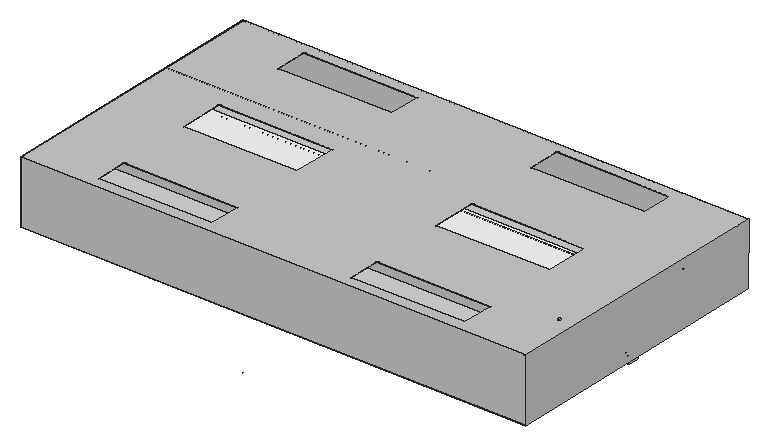
Revit family "QF_ELECTROLUXPROFESSIONAL_641271_STCF2240", category Specialty Equipment, Revit 2014
Reference planes
  plane 1: z = 0
  plane 2 "Center (Left/Right)": x = 150
  plane 3 "LEFT": x = -1850
  plane 4 "RIGHT": x = 2150
  plane 5 "BACK": y = 550
  plane 6 "TOP": z = 2500
  plane 7 "Base": z = 2000
  plane 8: z = 1955
  plane 9: x = -1847
  plane 10 "DrainX": x = 2030
  plane 11 "AOLeft2": x = -400
  plane 12 "AORight1": x = 700
  plane 13: x = 2147
  plane 14: x = -1650
  plane 15: x = 1950
  plane 16 "Center (Front/Back)": y = -550
  plane 17 "Front": y = -1650
  plane 18 "AOLeft1": x = -1300
  plane 19 "AORight2": x = 1600
  plane 20 "EI_y": y = -1170
  plane 21 "EIx": x = 2030
  plane 22: y = 464
  plane 23: y = 214
  plane 24: y = -1564
  plane 25: y = -1314
  plane 26: y = -375
  plane 27: y = -725
Forms (mm)
  Extrusion 1, solid, material "QF_Finishes_Stainless Steel"
    sketch origin (-1850, 0, 360) x (0, 1, 0) y (0, 0, 1)
      loop
        line (550, 1640) -> (550, 2140) -> (-1650, 2140) -> (-1650, 1640) -> (550, 1640)
    from 0 to 3
  Extrusion 2, solid, material "QF_Finishes_Stainless Steel"
    sketch origin (2150, 0, 360) x (0, 1, 0) y (0, 0, 1)
      loop
        line (550, 1640) -> (550, 2140) -> (-1650, 2140) -> (-1650, 1640) -> (550, 1640)
    from 0 to -3
  Extrusion 3, solid, material "QF_Finishes_Stainless Steel"
    sketch origin (150, 0, 360) x (0, 1, 0) y (0, 0, 1)
      loop
        line (-1650, 2140) -> (-1650, 1640) -> (-1640, 1640) -> (-1640, 1640.8) -> (-1649.2, 1640.8) -> (-1649.2, 2139.19) -> (549.2, 2139.19) -> (549.2, 1640.8) -> (540, 1640.8) -> (540, 1640) -> (550, 1640) -> (550, 2140) -> (-1650, 2140)
    from -2000 to 2000
  Extrusion 4, solid, material "QF_Finishes_Stainless Steel"
    sketch origin (0, -840, 2000) x (0, 1, 0) y (-1, 0, 0)
      loop
        circle (290, -2030) r 4.763
    from -30 to 0
  Extrusion 5, void
    sketch origin (0, 0, 2500) x (0, 1, 0) y (-1, 0, 0)
      loop
        line (-1564, 400) -> (-1314, 400) -> (-1314, 1300) -> (-1564, 1300) -> (-1564, 400)
    from 0 to -10
  Extrusion 6, solid, material "QF_Finishes_Stainless Steel"
    sketch origin (0, 0, 0) x (1, 0, 0) y (0, 1, 0)
      loop
        line (-1850, 550) -> (-1850, 549) -> (-1849, 549) -> (-1849, 550) -> (-1850, 550)
    from 0 to 1
  Sweep 7, solid, material "QF_Finishes_Stainless Steel"
    path origin (0, 0, 0) x (1, 0, 0) y (0, 1, 0)
      loop
        line (2150, 550) -> (-1850, 550) -> (-1850, -1650) -> (2150, -1650) -> (2150, 550)
    profile origin (2150, -550, 0) x (1, 0, 0) y (0, 0, 1)
      loop
        line (-3, 2000) -> (-3, 2000.8) -> (-19, 2000.8) -> (-19, 2010) -> (-20, 2010) -> (-20, 2000) -> (-3, 2000)
  Extrusion 8, solid, material "QF_Finishes_Stainless Steel"
    sketch origin (150, -636.588, -19.176) x (0, 0.995194, 0.097925) y (0, -0.097925, 0.995194)
      loop
        line (214.66, 2095.469) -> (240.643, 2110.471) -> (61.744, 2411.771) -> (35.948, 2396.455) -> (214.66, 2095.469)
    from -1997 to -1800
  Extrusion 9, void
    sketch origin (1134.605, 0, 2500) x (0, 1, 0) y (-1, 0, 0)
      loop
        line (-1564, -465.395) -> (-1314, -465.395) -> (-1314, 434.605) -> (-1564, 434.605) -> (-1564, -465.395)
    from 0 to -10
  Extrusion 10, solid, material "QF_Finishes_Stainless Steel"
    sketch origin (2030, -840, 0) x (0, 1, 0) y (0, 0, 1)
      loop
        line (339, 2000) -> (241, 2000) -> (241, 1989) -> (248.5, 1989) -> (248.5, 1965)
        arc (248.5, 1965) -> (251.429, 1957.929) -> (258.5, 1955) r 10
        line (258.5, 1955) -> (321.5, 1955)
        arc (321.5, 1955) -> (328.571, 1957.929) -> (331.5, 1965) r 10
        line (331.5, 1965) -> (331.5, 1989) -> (339, 1989) -> (339, 2000)
    from 90 to -90
  Extrusion 11, solid, material "QF_Finishes_Stainless Steel"
    sketch origin (150, -636.588, -19.176) x (0, 0.995194, 0.097925) y (0, -0.097925, 0.995194)
      loop
        line (214.66, 2095.469) -> (240.643, 2110.471) -> (61.744, 2411.771) -> (35.948, 2396.455) -> (214.66, 2095.469)
    from 1800 to 1997
  Extrusion 12, solid, material "QF_Finished_Chrome"
    sketch origin (150, -636.588, -19.176) x (0, 0.995194, 0.097925) y (0, -0.097925, 0.995194)
      loop
        line (214.66, 2095.469) -> (240.643, 2110.471) -> (61.744, 2411.771) -> (35.948, 2396.455) -> (214.66, 2095.469)
    from -1800 to 1800
  Extrusion 13, void
    sketch origin (0, 1180, 2500) x (0, 1, 0) y (-1, 0, 0)
      loop
        line (-1555, 400) -> (-1555, 1300) -> (-1905, 1300) -> (-1905, 400) -> (-1555, 400)
    from 0 to -10
  Extrusion 14, void
    sketch origin (1600, 1180, 2500) x (0, 1, 0) y (-1, 0, 0)
      loop
        line (-1555, 0) -> (-1555, 900) -> (-1905, 900) -> (-1905, 0) -> (-1555, 0)
    from 0 to -10
  Extrusion 15, solid, material "QF_Finishes_Stainless Steel"
    sketch origin (0, 0, 2500) x (0, 1, 0) y (-1, 0, 0)
      loop
        circle (-1170, -2030) r 10
    from 0 to 1.6
  Extrusion 16, solid, material "QF_LAMPS"
    sketch origin (150, -267.149, 218.369) x (0, 0.987229, -0.159309) y (0, 0.159309, 0.987229)
      loop
        line (-1250.105, 1928.62) -> (-1096.231, 2053.226) -> (-1104.529, 2063.269) -> (-1258.575, 1938.524) -> (-1250.105, 1928.62)
    from 1997 to -1997
  Extrusion 17, solid, material "QF_Finishes_Stainless Steel"
    sketch origin (150, 0, 360) x (0, 1, 0) y (0, 0, 1)
      loop
        line (-1650, 2139.19) -> (-1650, 1640) -> (-1586.602, 1640) -> (-1499.146, 1690.493) -> (-1510.058, 1709.394) -> (-1566.564, 1676.77) -> (-1614.704, 1680.982) -> (-1649.2, 1730.248) -> (-1649.2, 2139.19) -> (-1650, 2139.19)
      loop
        line (-1194.054, 1961.505) -> (-1200.838, 1972.631) -> (-1186.477, 1980.7) -> (-1186.477, 2127.391) -> (-1085.664, 2127.391) -> (-1029.871, 2072.95) -> (-1022.281, 2060.013) -> (-919.435, 2120.351) -> (-919.902, 2121.003) -> (-1021.996, 2061.107) -> (-1029.236, 2073.448) -> (-1085.338, 2128.191) -> (-1187.277, 2128.191) -> (-1187.277, 1982.446) -> (-1586.208, 1744.533) -> (-1576.362, 1728.386) -> (-1194.054, 1961.505)
    from -1997 to 1997
  Extrusion 18, void
    sketch origin (0, 814, 2500) x (0, 1, 0) y (-1, 0, 0)
      loop
        line (-600, 400) -> (-350, 400) -> (-350, 1300) -> (-600, 1300) -> (-600, 400)
    from 0 to -10
  Extrusion 19, void
    sketch origin (1134.605, 814, 2500) x (0, 1, 0) y (-1, 0, 0)
      loop
        line (-600, -465.395) -> (-350, -465.395) -> (-350, 434.605) -> (-600, 434.605) -> (-600, -465.395)
    from 0 to -10
  Extrusion 20, solid, material "QF_Finishes_Stainless Steel"
    sketch origin (150, 0, 0) x (0, 1, 0) y (0, 0, 1)
      loop
        line (-628.158, 2087.242) -> (-603.769, 2104.716) -> (-811.314, 2387.05) -> (-835.486, 2369.281) -> (-628.158, 2087.242)
    from -1997 to -1800
  Extrusion 21, solid, material "QF_Finished_Chrome"
    sketch origin (150, 0, 0) x (0, 1, 0) y (0, 0, 1)
      loop
        line (-628.158, 2087.242) -> (-603.769, 2104.716) -> (-811.314, 2387.05) -> (-835.486, 2369.281) -> (-628.158, 2087.242)
    from -1800 to 1800
  Extrusion 22, solid, material "QF_Finishes_Stainless Steel"
    sketch origin (150, -870.88, 319.508) x (0, 0.995194, 0.097925) y (0, -0.097925, 0.995194)
      loop
        line (426.151, 1646.675) -> (483.9, 1640.993) -> (483.982, 1641.83) -> (426.613, 1647.475) -> (371.906, 1742.23) -> (414.858, 1734.657) -> (442.266, 1750.481) -> (442.266, 1765.943) -> (441.466, 1765.943) -> (441.466, 1750.943) -> (414.709, 1735.495) -> (321.153, 1751.991) -> (320.875, 1750.416) -> (371.4, 1741.507) -> (426.151, 1646.675)
      loop
        line (162.878, 2155.907) -> (242.893, 2017.316) -> (245.133, 2018.715) -> (240.13, 2027.381) -> (238.569, 2026.405) -> (163.571, 2156.307) -> (162.878, 2155.907)
    from -1997 to 1997
  Extrusion 23, solid, material "QF_Finishes_Stainless Steel"
    sketch origin (150, -463.412, -19.176) x (0, -0.995194, 0.097925) y (0, -0.097925, -0.995194)
      loop
        line (214.66, -2095.469) -> (35.948, -2396.455) -> (61.744, -2411.771) -> (240.643, -2110.471) -> (214.66, -2095.469)
    from 1800 to 1997
  Extrusion 24, solid, material "QF_Finishes_Stainless Steel"
    sketch origin (150, 0, 0) x (0, 1, 0) y (0, 0, 1)
      loop
        line (-471.842, 2087.242) -> (-264.514, 2369.281) -> (-288.686, 2387.05) -> (-496.231, 2104.716) -> (-471.842, 2087.242)
    from -1997 to -1800
  Extrusion 25, solid, material "QF_Finished_Chrome"
    sketch origin (150, 0, 0) x (0, 1, 0) y (0, 0, 1)
      loop
        line (-471.842, 2087.242) -> (-264.514, 2369.281) -> (-288.686, 2387.05) -> (-496.231, 2104.716) -> (-471.842, 2087.242)
    from -1800 to 1800
  Extrusion 26, solid, material "QF_Finishes_Stainless Steel"
    sketch origin (150, -229.12, 319.508) x (0, -0.995194, 0.097925) y (0, -0.097925, -0.995194)
      loop
        line (426.151, -1646.675) -> (371.4, -1741.507) -> (320.875, -1750.416) -> (321.153, -1751.991) -> (414.709, -1735.495) -> (441.466, -1750.943) -> (441.466, -1765.943) -> (442.266, -1765.943) -> (442.266, -1750.481) -> (414.858, -1734.657) -> (371.906, -1742.23) -> (426.613, -1647.475) -> (483.982, -1641.83) -> (483.9, -1640.993) -> (426.151, -1646.675)
      loop
        line (162.878, -2155.907) -> (163.571, -2156.307) -> (238.569, -2026.405) -> (240.13, -2027.381) -> (245.133, -2018.715) -> (242.893, -2017.316) -> (162.878, -2155.907)
    from -1997 to 1997
  Extrusion 27, solid, material "QF_LAMPS"
    sketch origin (150, -832.851, 218.369) x (0, -0.987229, -0.159309) y (0, 0.159309, -0.987229)
      loop
        line (-1250.105, -1928.62) -> (-1258.575, -1938.524) -> (-1104.529, -2063.269) -> (-1096.231, -2053.226) -> (-1250.105, -1928.62)
    from 1997 to -1997
  Extrusion 28, solid, material "QF_Finishes_Stainless Steel"
    sketch origin (150, -1100, 360) x (0, -1, 0) y (0, 0, -1)
      loop
        line (-1650, -2139.19) -> (-1649.2, -2139.19) -> (-1649.2, -1730.248) -> (-1614.704, -1680.982) -> (-1566.564, -1676.77) -> (-1510.058, -1709.394) -> (-1499.146, -1690.493) -> (-1586.602, -1640) -> (-1650, -1640) -> (-1650, -2139.19)
      loop
        line (-1194.054, -1961.505) -> (-1576.362, -1728.386) -> (-1586.208, -1744.533) -> (-1187.277, -1982.446) -> (-1187.277, -2128.191) -> (-1085.338, -2128.191) -> (-1029.236, -2073.448) -> (-1021.996, -2061.107) -> (-919.902, -2121.003) -> (-919.435, -2120.351) -> (-1022.281, -2060.013) -> (-1029.871, -2072.95) -> (-1085.664, -2127.391) -> (-1186.477, -2127.391) -> (-1186.477, -1980.7) -> (-1200.838, -1972.631) -> (-1194.054, -1961.505)
    from -1997 to 1997
Cuts and joins
  Extrusion 5, Extrusion 9, Extrusion 13, Extrusion 14, Extrusion 18, Extrusion 19 cuts Extrusion 3
  joined: Extrusion 2, Extrusion 3, Sweep 7
Lines and regions (mm)
  symbolic lines, style "SpecialityEquipment", detail levels coarse
    curve 1: line (2150, 550, 2500) -> (-1850, 550, 2500)
    curve 2: line (-1850, 550, 2500) -> (-1850, -1650, 2500)
    curve 3: line (2150, -1650, 2500) -> (2150, 550, 2500)
    curve 4: line (-1850, 550, 0) -> (2150, -1650, 0)
    curve 5: line (2150, 550, 0) -> (-1850, -1650, 0)
    curve 6: line (-1850, -1650, 0) -> (2150, -1650, 0)
  symbolic lines, detail levels coarse
    curve 7: line (-1300, 464, 2500) -> (-400, 464, 2500)
    curve 8: line (-1300, 214, 2500) -> (-1300, 464, 2500)
    curve 9: line (-400, 214, 2500) -> (-1300, 214, 2500)
    curve 10: line (-400, 464, 2500) -> (-400, 214, 2500)
    curve 11: line (700, 464, 2500) -> (1600, 464, 2500)
    curve 12: line (700, 214, 2500) -> (700, 464, 2500)
    curve 13: line (1600, 214, 2500) -> (700, 214, 2500)
    curve 14: line (1600, 464, 2500) -> (1600, 214, 2500)
    curve 15: line (-1300, -375, 2500) -> (-400, -375, 2500)
    curve 16: line (-1300, -725, 2500) -> (-1300, -375, 2500)
    curve 17: line (-400, -725, 2500) -> (-1300, -725, 2500)
    curve 18: line (-400, -375, 2500) -> (-400, -725, 2500)
    curve 19: line (700, -375, 2500) -> (1600, -375, 2500)
    curve 20: line (700, -725, 2500) -> (700, -375, 2500)
    curve 21: line (1600, -725, 2500) -> (700, -725, 2500)
    curve 22: line (1600, -375, 2500) -> (1600, -725, 2500)
    curve 23: line (-1300, -1314, 2500) -> (-400, -1314, 2500)
    curve 24: line (-1300, -1564, 2500) -> (-1300, -1314, 2500)
    curve 25: line (-400, -1564, 2500) -> (-1300, -1564, 2500)
    curve 26: line (-400, -1314, 2500) -> (-400, -1564, 2500)
    curve 27: line (700, -1314, 2500) -> (1600, -1314, 2500)
    curve 28: line (700, -1564, 2500) -> (700, -1314, 2500)
    curve 29: line (1600, -1564, 2500) -> (700, -1564, 2500)
    curve 30: line (1600, -1314, 2500) -> (1600, -1564, 2500)
Dimensions and locks
  plane 3 "LEFT" to plane 4 "RIGHT" = 4000 mm
  equal spacing: plane 3 "LEFT", plane 2 "Center (Left/Right)", plane 4 "RIGHT"
  plane 7 "Base" to plane 8 = 45 mm
  plane 3 "LEFT" to plane 9 = 3 mm
  plane 10 "DrainX" to plane 4 "RIGHT" = 120 mm
  plane 13 to plane 4 "RIGHT" = 3 mm
  plane 3 "LEFT" to plane 14 = 200 mm
  plane 15 to plane 4 "RIGHT" = 200 mm
  locked: plane 11 "AOLeft2" to plane 12 "AORight1" at 1100
  equal spacing: plane 11 "AOLeft2", plane 2 "Center (Left/Right)", plane 12 "AORight1"
  locked: plane 7 "Base" to level at 2000
  locked: plane 6 "TOP" to plane 7 "Base" at 500
  locked: plane 18 "AOLeft1" to plane 11 "AOLeft2" at 900
  locked: plane 12 "AORight1" to plane 19 "AORight2" at 900
  locked: plane 20 "EI_y" to plane 17 "Front" at 480
  locked: plane 21 "EIx" to plane 4 "RIGHT" at 120
  locked: plane 5 "BACK" to plane 22 at 86
  plane 22 to plane 23 = 250 mm
  locked: plane 24 to plane 17 "Front" at 86
  locked: plane 24 to plane 25 at 250
  plane 26 to plane 16 "Center (Front/Back)" = 175 mm
  plane 16 "Center (Front/Back)" to plane 27 = 175 mm
  plane 26 to plane 27 = 350 mm
  locked: plane 5 "BACK" to plane 17 "Front" at 2200
  plane 5 "BACK" to plane 16 "Center (Front/Back)" to plane 17 "Front" = 1100 mm, 1100 mm
  plane 5 "BACK" to plane 17 "Front" = 2200 mm
  aligned and locked: level to plane 1
  aligned and locked: plane 4 "RIGHT" to Extrusion 3
  aligned and locked: Extrusion 3 to plane 3 "LEFT"
  aligned and locked: Extrusion 2 to plane 13
  aligned and locked: Extrusion 8 to plane 9
  aligned and locked: plane 18 "AOLeft1" to Extrusion 5
  aligned and locked: Extrusion 5 to plane 11 "AOLeft2"
  aligned and locked: Extrusion 9 to plane 19 "AORight2"
  aligned and locked: plane 12 "AORight1" to Extrusion 9
  aligned and locked: plane 14 to Extrusion 8
  aligned and locked: plane 15 to Extrusion 11
  aligned and locked: plane 13 to Extrusion 11
  aligned and locked: Extrusion 12 to plane 14
  aligned and locked: Extrusion 12 to plane 15
  aligned and locked: plane 12 "AORight1" to Extrusion 14
  aligned and locked: plane 19 "AORight2" to Extrusion 14
  aligned and locked: Extrusion 13 to plane 18 "AOLeft1"
  aligned and locked: Extrusion 13 to plane 11 "AOLeft2"
  aligned and locked: plane 24 to Extrusion 5
  aligned and locked: Extrusion 5 to plane 25
  aligned and locked: Extrusion 9 to plane 25
  aligned and locked: plane 24 to Extrusion 9
  aligned and locked: Extrusion 18 to plane 18 "AOLeft1"
  aligned and locked: Extrusion 18 to plane 11 "AOLeft2"
  aligned and locked: plane 12 "AORight1" to Extrusion 19
  aligned and locked: plane 19 "AORight2" to Extrusion 19
  aligned and locked: plane 26 to Extrusion 13
  aligned and locked: Extrusion 13 to plane 27
  aligned and locked: plane 26 to Extrusion 14
  aligned and locked: Extrusion 14 to plane 27
  aligned and locked: plane 22 to Extrusion 18
  aligned and locked: Extrusion 18 to plane 23
  aligned and locked: plane 22 to Extrusion 19
  aligned and locked: Extrusion 19 to plane 23
  aligned and locked: Extrusion 17 to plane 9
  aligned and locked: Extrusion 16 to plane 9
  aligned and locked: Extrusion 16 to plane 13
  aligned and locked: Extrusion 17 to plane 13
  aligned and locked: Extrusion 28 to plane 9
  aligned and locked: Extrusion 27 to plane 9
  aligned and locked: Extrusion 26 to plane 9
  aligned and locked: plane 9 to Extrusion 20
  aligned and locked: Extrusion 22 to plane 9
  aligned and locked: plane 14 to Extrusion 20
  aligned and locked: Extrusion 25 to plane 14
  aligned and locked: plane 13 to Extrusion 22
  aligned and locked: plane 13 to Extrusion 26
  aligned and locked: plane 13 to Extrusion 28
  aligned and locked: Extrusion 23 to plane 13
  aligned and locked: plane 13 to Extrusion 27
  aligned and locked: Extrusion 21 to plane 14
  aligned and locked: Extrusion 21 to plane 15
  aligned and locked: plane 15 to Extrusion 23
  aligned and locked: Extrusion 25 to plane 15
  aligned and locked: plane 14 to Extrusion 24
  aligned and locked: Extrusion 24 to plane 9
Automatic sketch dimensions
  curve 6 to plane 3 "LEFT" = 0 mm
  curve 4 to plane 3 "LEFT" = 0 mm
  curve 5 to plane 4 "RIGHT" = 0 mm
  curve 6 to plane 4 "RIGHT" = 0 mm
  curve 4 to plane 17 "Front" = 0 mm
  curve 5 to plane 5 "BACK" = 0 mm
  curve 4 to plane 5 "BACK" = 0 mm
  Extrusion 1 sketch curve to plane 7 "Base" = 0 mm
  Extrusion 1 sketch curve to plane 17 "Front" = 0 mm
  Extrusion 1 sketch curve to plane 5 "BACK" = 0 mm
  Extrusion 1 sketch curve to plane 6 "TOP" = 0 mm
  Extrusion 2 sketch curve to plane 7 "Base" = 0 mm
  Extrusion 2 sketch curve to plane 17 "Front" = 0 mm
  Extrusion 2 sketch curve to plane 5 "BACK" = 0 mm
  Extrusion 2 sketch curve to plane 6 "TOP" = 0 mm
  Extrusion 3 sketch curve to plane 6 "TOP" = 0 mm
  Extrusion 3 sketch curve to plane 17 "Front" = 0 mm
  Extrusion 3 sketch curve to plane 7 "Base" = 0 mm  (x2)
  Extrusion 3 sketch curve to plane 5 "BACK" = 0 mm
  plane 17 "Front" to Extrusion 3 sketch curve = 0.8 mm
  Extrusion 3 sketch curve to Extrusion 3 sketch curve = 9.2 mm
  plane 7 "Base" to Extrusion 3 sketch curve = 0.8 mm  (x2)
  Extrusion 3 sketch curve to plane 5 "BACK" = 10 mm
  Extrusion 3 sketch curve to plane 5 "BACK" = 0.8 mm
  Extrusion 3 sketch curve to plane 6 "TOP" = 0.81 mm
  Extrusion 4 sketch curve to plane 10 "DrainX" = 0 mm
  Extrusion 4 sketch curve to plane 16 "Center (Front/Back)" = 0 mm
  Extrusion 5 sketch curve to plane 18 "AOLeft1" = 0 mm
  plane 24 to Extrusion 5 sketch curve = 0 mm
  Extrusion 5 sketch curve to plane 11 "AOLeft2" = 0 mm
  plane 25 to Extrusion 5 sketch curve = 0 mm
  Extrusion 6 sketch curve to plane 3 "LEFT" = 0 mm
  Extrusion 6 sketch curve to plane 5 "BACK" = 0 mm
  plane 3 "LEFT" to Extrusion 6 sketch curve = 1 mm
  Extrusion 6 sketch curve to Extrusion 6 sketch curve = 1 mm
  Sweep 7 sketch curve to plane 3 "LEFT" = 0 mm
  Sweep 7 sketch curve to plane 4 "RIGHT" = 0 mm
  Sweep 7 sketch curve to plane 17 "Front" = 0 mm
  Sweep 7 sketch curve to plane 5 "BACK" = 0 mm
  profile plane to Sweep 7 sketch curve = 20 mm
  Sweep 7 sketch curve to Sweep 7 sketch curve = 1 mm
  profile plane to Sweep 7 sketch curve = 3 mm
  level to Sweep 7 sketch curve = 2000 mm
  Sweep 7 sketch curve to Sweep 7 sketch curve = 0.8 mm
  Sweep 7 sketch curve to Sweep 7 sketch curve = 9.2 mm
  Extrusion 8 sketch curve to plane 27 = 110.486 mm
  Extrusion 8 sketch curve to plane 6 "TOP" = 130.719 mm
  Extrusion 8 sketch curve to Extrusion 8 sketch curve = 25.795 mm
  Extrusion 8 sketch curve to Extrusion 8 sketch curve = 178.712 mm
  Extrusion 8 sketch curve to Extrusion 8 sketch curve = 25.983 mm
  Extrusion 8 sketch curve to Extrusion 8 sketch curve = 285.985 mm
  Extrusion 8 sketch curve to Extrusion 8 sketch curve = 15.001 mm
  Extrusion 8 sketch curve to Extrusion 8 sketch curve = 15.316 mm
  Extrusion 9 sketch curve to plane 12 "AORight1" = 0 mm
  plane 24 to Extrusion 9 sketch curve = 0 mm
  Extrusion 9 sketch curve to plane 19 "AORight2" = 0 mm
  plane 25 to Extrusion 9 sketch curve = 0 mm
  Extrusion 10 sketch curve to plane 8 = 0 mm
  Extrusion 10 sketch curve to plane 7 "Base" = 11 mm  (x2)
  Extrusion 10 sketch curve to plane 16 "Center (Front/Back)" = 49 mm
  Extrusion 10 sketch curve to Extrusion 10 sketch curve = 7.5 mm  (x2)
  plane 8 to Extrusion 10 sketch curve = 10 mm
  plane 16 "Center (Front/Back)" to Extrusion 10 sketch curve = 31.5 mm
  Extrusion 10 sketch curve to Extrusion 10 sketch curve = 10 mm
  plane 7 "Base" to Extrusion 10 sketch curve = 0 mm
  Extrusion 11 sketch curve to plane 27 = 110.486 mm
  Extrusion 11 sketch curve to plane 6 "TOP" = 130.719 mm
  Extrusion 11 sketch curve to Extrusion 11 sketch curve = 25.795 mm
  Extrusion 11 sketch curve to Extrusion 11 sketch curve = 178.712 mm
  Extrusion 11 sketch curve to Extrusion 11 sketch curve = 25.983 mm
  Extrusion 11 sketch curve to Extrusion 11 sketch curve = 285.985 mm
  Extrusion 11 sketch curve to Extrusion 11 sketch curve = 15.001 mm
  Extrusion 11 sketch curve to Extrusion 11 sketch curve = 15.316 mm
  Extrusion 12 sketch curve to plane 27 = 110.486 mm
  Extrusion 12 sketch curve to plane 6 "TOP" = 130.719 mm
  Extrusion 12 sketch curve to Extrusion 12 sketch curve = 25.795 mm
  Extrusion 12 sketch curve to Extrusion 12 sketch curve = 178.712 mm
  Extrusion 12 sketch curve to Extrusion 12 sketch curve = 25.983 mm
  Extrusion 12 sketch curve to Extrusion 12 sketch curve = 285.985 mm
  Extrusion 12 sketch curve to Extrusion 12 sketch curve = 15.001 mm
  Extrusion 12 sketch curve to Extrusion 12 sketch curve = 15.316 mm
  Extrusion 13 sketch curve to plane 11 "AOLeft2" = 0 mm
  Extrusion 13 sketch curve to plane 27 = 0 mm
  Extrusion 13 sketch curve to plane 26 = 0 mm
  Extrusion 13 sketch curve to plane 18 "AOLeft1" = 0 mm
  Extrusion 14 sketch curve to plane 19 "AORight2" = 0 mm
  Extrusion 14 sketch curve to plane 27 = 0 mm
  Extrusion 14 sketch curve to plane 26 = 0 mm
  Extrusion 14 sketch curve to plane 12 "AORight1" = 0 mm
  Extrusion 15 sketch curve to plane 20 "EI_y" = 0 mm
  Extrusion 15 sketch curve to plane 21 "EIx" = 0 mm
  Extrusion 16 sketch curve to plane 20 "EI_y" = 30.826 mm
  Extrusion 16 sketch curve to plane 6 "TOP" = 167.362 mm
  Extrusion 16 sketch curve to Extrusion 16 sketch curve = 8.47 mm
  Extrusion 16 sketch curve to Extrusion 16 sketch curve = 154.047 mm
  Extrusion 16 sketch curve to Extrusion 16 sketch curve = 8.298 mm
  Extrusion 16 sketch curve to Extrusion 16 sketch curve = 9.904 mm
  Extrusion 16 sketch curve to Extrusion 16 sketch curve = 124.605 mm
  Extrusion 16 sketch curve to Extrusion 16 sketch curve = 10.043 mm
  Extrusion 17 sketch curve to plane 17 "Front" = 0 mm
  Extrusion 17 sketch curve to plane 7 "Base" = 0 mm
  plane 17 "Front" to Extrusion 17 sketch curve = 0.8 mm
  plane 17 "Front" to Extrusion 17 sketch curve = 35.296 mm
  plane 24 to Extrusion 17 sketch curve = 22.602 mm
  plane 24 to Extrusion 17 sketch curve = 22.208 mm
  plane 24 to Extrusion 17 sketch curve = 12.362 mm
  plane 24 to Extrusion 17 sketch curve = 2.564 mm
  Extrusion 17 sketch curve to plane 24 = 53.942 mm
  Extrusion 17 sketch curve to Extrusion 17 sketch curve = 10.912 mm
  Extrusion 17 sketch curve to plane 20 "EI_y" = 30.838 mm
  Extrusion 17 sketch curve to Extrusion 17 sketch curve = 6.784 mm
  Extrusion 17 sketch curve to Extrusion 17 sketch curve = 13.561 mm
  Extrusion 17 sketch curve to Extrusion 17 sketch curve = 0.8 mm  (x2)
  Extrusion 17 sketch curve to plane 6 "TOP" = 12.609 mm
  plane 20 "EI_y" to Extrusion 17 sketch curve = 84.336 mm
  Extrusion 17 sketch curve to Extrusion 17 sketch curve = 0.326 mm
  Extrusion 17 sketch curve to plane 6 "TOP" = 67.05 mm
  Extrusion 17 sketch curve to Extrusion 17 sketch curve = 55.793 mm
  Extrusion 17 sketch curve to plane 6 "TOP" = 66.552 mm
  Extrusion 17 sketch curve to Extrusion 17 sketch curve = 0.636 mm
  Extrusion 17 sketch curve to Extrusion 17 sketch curve = 7.59 mm
  Extrusion 17 sketch curve to plane 6 "TOP" = 78.893 mm
  Extrusion 17 sketch curve to Extrusion 17 sketch curve = 0.285 mm
  Extrusion 17 sketch curve to plane 6 "TOP" = 18.997 mm
  Extrusion 17 sketch curve to plane 6 "TOP" = 19.649 mm
  Extrusion 17 sketch curve to Extrusion 17 sketch curve = 0.467 mm
  plane 7 "Base" to Extrusion 17 sketch curve = 36.77 mm
  plane 7 "Base" to Extrusion 17 sketch curve = 40.982 mm
  plane 7 "Base" to Extrusion 17 sketch curve = 50.493 mm
  Extrusion 17 sketch curve to Extrusion 17 sketch curve = 18.901 mm
  Extrusion 17 sketch curve to Extrusion 17 sketch curve = 51.616 mm
  Extrusion 17 sketch curve to Extrusion 17 sketch curve = 49.266 mm
  Extrusion 17 sketch curve to Extrusion 17 sketch curve = 16.147 mm
  Extrusion 17 sketch curve to Extrusion 17 sketch curve = 165.885 mm
  Extrusion 17 sketch curve to Extrusion 17 sketch curve = 8.069 mm
  Extrusion 17 sketch curve to Extrusion 17 sketch curve = 1.746 mm
  Extrusion 17 sketch curve to Extrusion 17 sketch curve = 1.094 mm
  Extrusion 17 sketch curve to plane 6 "TOP" = 0.81 mm
  plane 18 "AOLeft1" to Extrusion 18 sketch curve = 0 mm
  Extrusion 18 sketch curve to plane 23 = 0 mm
  Extrusion 18 sketch curve to plane 11 "AOLeft2" = 0 mm
  Extrusion 18 sketch curve to plane 22 = 0 mm
  Extrusion 19 sketch curve to plane 12 "AORight1" = 0 mm
  Extrusion 19 sketch curve to plane 23 = 0 mm
  Extrusion 19 sketch curve to plane 19 "AORight2" = 0 mm
  Extrusion 19 sketch curve to plane 22 = 0 mm
  Extrusion 22 sketch curve to plane 6 "TOP" = 18.997 mm
  Extrusion 22 sketch curve to plane 27 = 194.902 mm
  Extrusion 22 sketch curve to Extrusion 22 sketch curve = 0.693 mm
  Extrusion 22 sketch curve to Extrusion 22 sketch curve = 74.998 mm
  Extrusion 22 sketch curve to Extrusion 22 sketch curve = 1.561 mm
  Extrusion 22 sketch curve to Extrusion 22 sketch curve = 4.324 mm
  Extrusion 22 sketch curve to Extrusion 22 sketch curve = 2.24 mm
  Extrusion 22 sketch curve to Extrusion 22 sketch curve = 77.982 mm
  Extrusion 22 sketch curve to Extrusion 22 sketch curve = 0.278 mm
  Extrusion 22 sketch curve to Extrusion 22 sketch curve = 50.525 mm
  Extrusion 22 sketch curve to Extrusion 22 sketch curve = 0.506 mm
  Extrusion 22 sketch curve to Extrusion 22 sketch curve = 42.803 mm
  Extrusion 22 sketch curve to Extrusion 22 sketch curve = 0.148 mm
  Extrusion 22 sketch curve to Extrusion 22 sketch curve = 11.294 mm
  Extrusion 22 sketch curve to Extrusion 22 sketch curve = 0.462 mm  (x2)
  Extrusion 22 sketch curve to Extrusion 22 sketch curve = 57.287 mm
  Extrusion 22 sketch curve to Extrusion 22 sketch curve = 0.082 mm
  Extrusion 22 sketch curve to Extrusion 22 sketch curve = 26.757 mm
  Extrusion 22 sketch curve to Extrusion 22 sketch curve = 0.8 mm
  Extrusion 22 sketch curve to Extrusion 22 sketch curve = 128.526 mm
  Extrusion 22 sketch curve to Extrusion 22 sketch curve = 0.975 mm
  Extrusion 22 sketch curve to Extrusion 22 sketch curve = 1.399 mm
  Extrusion 22 sketch curve to Extrusion 22 sketch curve = 252.773 mm
  Extrusion 22 sketch curve to Extrusion 22 sketch curve = 13.951 mm
  Extrusion 22 sketch curve to Extrusion 22 sketch curve = 15 mm
  Extrusion 22 sketch curve to Extrusion 22 sketch curve = 1.575 mm
  Extrusion 22 sketch curve to Extrusion 22 sketch curve = 0.723 mm
  Extrusion 22 sketch curve to Extrusion 22 sketch curve = 0.838 mm
  Extrusion 22 sketch curve to Extrusion 22 sketch curve = 87.182 mm
  Extrusion 22 sketch curve to Extrusion 22 sketch curve = 5.645 mm
  Extrusion 23 sketch curve to plane 26 = 110.486 mm
  plane 6 "TOP" to Extrusion 23 sketch curve = 130.719 mm
  Extrusion 23 sketch curve to Extrusion 23 sketch curve = 25.795 mm
  Extrusion 23 sketch curve to Extrusion 23 sketch curve = 178.712 mm
  Extrusion 23 sketch curve to Extrusion 23 sketch curve = 25.983 mm
  Extrusion 23 sketch curve to Extrusion 23 sketch curve = 285.985 mm
  Extrusion 23 sketch curve to Extrusion 23 sketch curve = 15.001 mm
  Extrusion 23 sketch curve to Extrusion 23 sketch curve = 15.316 mm
  Extrusion 26 sketch curve to plane 6 "TOP" = 18.997 mm
  plane 26 to Extrusion 26 sketch curve = 194.902 mm
  Extrusion 26 sketch curve to Extrusion 26 sketch curve = 0.693 mm
  Extrusion 26 sketch curve to Extrusion 26 sketch curve = 74.998 mm
  Extrusion 26 sketch curve to Extrusion 26 sketch curve = 1.561 mm
  Extrusion 26 sketch curve to Extrusion 26 sketch curve = 4.324 mm
  Extrusion 26 sketch curve to Extrusion 26 sketch curve = 2.24 mm
  Extrusion 26 sketch curve to Extrusion 26 sketch curve = 77.982 mm
  Extrusion 26 sketch curve to Extrusion 26 sketch curve = 0.278 mm
  Extrusion 26 sketch curve to Extrusion 26 sketch curve = 50.525 mm
  Extrusion 26 sketch curve to Extrusion 26 sketch curve = 0.506 mm
  Extrusion 26 sketch curve to Extrusion 26 sketch curve = 42.803 mm
  Extrusion 26 sketch curve to Extrusion 26 sketch curve = 0.148 mm
  Extrusion 26 sketch curve to Extrusion 26 sketch curve = 11.294 mm
  Extrusion 26 sketch curve to Extrusion 26 sketch curve = 0.462 mm  (x2)
  Extrusion 26 sketch curve to Extrusion 26 sketch curve = 57.287 mm
  Extrusion 26 sketch curve to Extrusion 26 sketch curve = 0.082 mm
  Extrusion 26 sketch curve to Extrusion 26 sketch curve = 26.757 mm
  Extrusion 26 sketch curve to Extrusion 26 sketch curve = 0.8 mm
  Extrusion 26 sketch curve to Extrusion 26 sketch curve = 0.4 mm
  Extrusion 26 sketch curve to Extrusion 26 sketch curve = 0.975 mm
  Extrusion 26 sketch curve to Extrusion 26 sketch curve = 1.399 mm
  Extrusion 26 sketch curve to Extrusion 26 sketch curve = 252.773 mm
  Extrusion 26 sketch curve to Extrusion 26 sketch curve = 13.951 mm
  Extrusion 26 sketch curve to Extrusion 26 sketch curve = 15 mm
  Extrusion 26 sketch curve to Extrusion 26 sketch curve = 1.575 mm
  Extrusion 26 sketch curve to Extrusion 26 sketch curve = 0.723 mm
  Extrusion 26 sketch curve to Extrusion 26 sketch curve = 0.838 mm
  Extrusion 26 sketch curve to Extrusion 26 sketch curve = 87.182 mm
  Extrusion 26 sketch curve to Extrusion 26 sketch curve = 5.645 mm
  plane 23 to Extrusion 27 sketch curve = 113.174 mm
  plane 6 "TOP" to Extrusion 27 sketch curve = 167.362 mm
  Extrusion 27 sketch curve to Extrusion 27 sketch curve = 8.47 mm
  Extrusion 27 sketch curve to Extrusion 27 sketch curve = 154.047 mm
  Extrusion 27 sketch curve to Extrusion 27 sketch curve = 8.298 mm
  Extrusion 27 sketch curve to Extrusion 27 sketch curve = 9.904 mm
  Extrusion 27 sketch curve to Extrusion 27 sketch curve = 124.605 mm
  Extrusion 27 sketch curve to Extrusion 27 sketch curve = 10.043 mm
  Extrusion 28 sketch curve to plane 5 "BACK" = 0 mm
  Extrusion 28 sketch curve to plane 7 "Base" = 0 mm
  Extrusion 28 sketch curve to Extrusion 28 sketch curve = 0.8 mm  (x3)
  plane 5 "BACK" to Extrusion 28 sketch curve = 35.296 mm
  Extrusion 28 sketch curve to plane 22 = 22.602 mm
  Extrusion 28 sketch curve to plane 22 = 22.208 mm
  Extrusion 28 sketch curve to plane 22 = 12.362 mm
  Extrusion 28 sketch curve to plane 22 = 2.564 mm
  plane 22 to Extrusion 28 sketch curve = 53.942 mm
  Extrusion 28 sketch curve to Extrusion 28 sketch curve = 10.912 mm
  plane 23 to Extrusion 28 sketch curve = 113.162 mm
  Extrusion 28 sketch curve to Extrusion 28 sketch curve = 6.784 mm
  Extrusion 28 sketch curve to Extrusion 28 sketch curve = 13.561 mm
  plane 6 "TOP" to Extrusion 28 sketch curve = 12.609 mm
  Extrusion 28 sketch curve to Extrusion 28 sketch curve = 100.813 mm
  Extrusion 28 sketch curve to Extrusion 28 sketch curve = 0.326 mm
  plane 6 "TOP" to Extrusion 28 sketch curve = 67.05 mm
  Extrusion 28 sketch curve to Extrusion 28 sketch curve = 55.793 mm
  plane 6 "TOP" to Extrusion 28 sketch curve = 66.552 mm
  Extrusion 28 sketch curve to Extrusion 28 sketch curve = 0.636 mm
  plane 6 "TOP" to Extrusion 28 sketch curve = 79.987 mm
  Extrusion 28 sketch curve to Extrusion 28 sketch curve = 7.59 mm
  plane 6 "TOP" to Extrusion 28 sketch curve = 78.893 mm
  Extrusion 28 sketch curve to Extrusion 28 sketch curve = 0.285 mm
  plane 6 "TOP" to Extrusion 28 sketch curve = 18.997 mm
  plane 6 "TOP" to Extrusion 28 sketch curve = 19.649 mm
  Extrusion 28 sketch curve to Extrusion 28 sketch curve = 0.467 mm
  Extrusion 28 sketch curve to plane 7 "Base" = 36.77 mm
  Extrusion 28 sketch curve to plane 7 "Base" = 40.982 mm
  Extrusion 28 sketch curve to plane 7 "Base" = 50.493 mm
  Extrusion 28 sketch curve to Extrusion 28 sketch curve = 18.901 mm
  Extrusion 28 sketch curve to Extrusion 28 sketch curve = 51.616 mm
  Extrusion 28 sketch curve to Extrusion 28 sketch curve = 49.266 mm
  Extrusion 28 sketch curve to Extrusion 28 sketch curve = 16.147 mm
  Extrusion 28 sketch curve to Extrusion 28 sketch curve = 165.885 mm
  Extrusion 28 sketch curve to Extrusion 28 sketch curve = 8.069 mm
  Extrusion 28 sketch curve to Extrusion 28 sketch curve = 1.746 mm
  plane 6 "TOP" to Extrusion 28 sketch curve = 0.81 mm
  Extrusion 21 sketch curve to plane 27 = 110.486 mm
  Extrusion 21 sketch curve to Extrusion 21 sketch curve = 24.172 mm
  Extrusion 21 sketch curve to plane 16 "Center (Front/Back)" = 78.158 mm
  Extrusion 21 sketch curve to Extrusion 21 sketch curve = 24.389 mm
  plane 7 "Base" to Extrusion 21 sketch curve = 87.242 mm
  Extrusion 21 sketch curve to Extrusion 21 sketch curve = 17.473 mm
  Extrusion 21 sketch curve to plane 6 "TOP" = 130.719 mm
  Extrusion 21 sketch curve to Extrusion 21 sketch curve = 17.769 mm
  Extrusion 20 sketch curve to plane 27 = 110.486 mm
  Extrusion 20 sketch curve to Extrusion 20 sketch curve = 24.172 mm
  Extrusion 20 sketch curve to plane 16 "Center (Front/Back)" = 78.158 mm
  Extrusion 20 sketch curve to Extrusion 20 sketch curve = 24.389 mm
  plane 7 "Base" to Extrusion 20 sketch curve = 87.242 mm
  Extrusion 20 sketch curve to Extrusion 20 sketch curve = 17.473 mm
  Extrusion 20 sketch curve to plane 6 "TOP" = 130.719 mm
  Extrusion 20 sketch curve to Extrusion 20 sketch curve = 17.769 mm
  plane 16 "Center (Front/Back)" to Extrusion 24 sketch curve = 53.769 mm
  Extrusion 24 sketch curve to Extrusion 24 sketch curve = 24.389 mm
  plane 26 to Extrusion 24 sketch curve = 86.314 mm
  Extrusion 24 sketch curve to Extrusion 24 sketch curve = 24.172 mm
  plane 7 "Base" to Extrusion 24 sketch curve = 87.242 mm
  Extrusion 24 sketch curve to Extrusion 24 sketch curve = 17.473 mm
  Extrusion 24 sketch curve to plane 6 "TOP" = 130.719 mm
  Extrusion 24 sketch curve to Extrusion 24 sketch curve = 17.769 mm
  plane 16 "Center (Front/Back)" to Extrusion 25 sketch curve = 53.769 mm
  Extrusion 25 sketch curve to Extrusion 25 sketch curve = 24.389 mm
  plane 26 to Extrusion 25 sketch curve = 86.314 mm
  Extrusion 25 sketch curve to Extrusion 25 sketch curve = 24.172 mm
  plane 7 "Base" to Extrusion 25 sketch curve = 87.242 mm
  Extrusion 25 sketch curve to Extrusion 25 sketch curve = 17.473 mm
  Extrusion 25 sketch curve to plane 6 "TOP" = 130.719 mm
  Extrusion 25 sketch curve to Extrusion 25 sketch curve = 17.769 mm
  curve 2 to plane 3 "LEFT" = 0 mm
  curve 2 to plane 17 "Front" = 0 mm
  curve 3 to plane 4 "RIGHT" = 0 mm
  curve 3 to plane 17 "Front" = 0 mm
  curve 29 to plane 12 "AORight1" = 0 mm
  plane 24 to curve 29 = 0 mm
  curve 25 to plane 11 "AOLeft2" = 0 mm
  plane 24 to curve 25 = 0 mm
  plane 25 to curve 26 = 0 mm
  plane 25 to curve 28 = 0 mm
  curve 22 to plane 19 "AORight2" = 0 mm
  curve 22 to plane 27 = 0 mm
  curve 18 to plane 11 "AOLeft2" = 0 mm
  curve 18 to plane 27 = 0 mm
  curve 16 to plane 18 "AOLeft1" = 0 mm
  curve 16 to plane 26 = 0 mm
  curve 19 to plane 12 "AORight1" = 0 mm
  curve 19 to plane 26 = 0 mm
  curve 13 to plane 12 "AORight1" = 0 mm
  curve 13 to plane 23 = 0 mm
  curve 9 to plane 11 "AOLeft2" = 0 mm
  curve 9 to plane 23 = 0 mm
  curve 10 to plane 22 = 0 mm
  curve 12 to plane 22 = 0 mm
  curve 2 to plane 5 "BACK" = 0 mm
  curve 27 to plane 19 "AORight2" = 0 mm
  curve 14 to plane 19 "AORight2" = 0 mm
  curve 7 to plane 18 "AOLeft1" = 0 mm
  curve 24 to plane 18 "AOLeft1" = 0 mm
  radius of Extrusion 4 sketch curve = 4.763 mm
  radius of Extrusion 15 sketch curve = 10 mm
Connectors
  piping at (2030, -550, 1970), diameter 9.5
    settings: on Extrusion 4, index 1, connector inside diameter 609.6 mm, connector length 0 mm, flow factor 0, pipe flow 0.0 L/s, pressure drop 0.0 Pa, fitting loss kfactor 0, connector angle 0.00°, fixture units 0, engagement length 0 mm, angle of deflection 0.00°, flow configuration 1, flow direction 2, fitting loss method 0, system type 16, joint type 0, gender type 0, connector reference index -1, connector utility 0, adjustable connector no, is connector primary yes, connector description "Drain"
  hvac at (-850, -1439, 2500)
    settings: on Extrusion 5, index 2, duct flow 0.0 L/s, flow factor 0, pres drop 0.0 Pa, loss coef 0, conn angle 0.00°, conn width 250 mm, conn height 900 mm, conn diameter 609.6 mm, duct sys type 1, conn prof type 1, flow config 1, flow direction 1, loss method 0, conn ref index -1, conn util no, is conn primary yes, conn desc "AIR INLET"
  hvac at (1150, -1439, 2500)
    settings: on Extrusion 9, index 3, duct flow 0.0 L/s, flow factor 0, pres drop 0.0 Pa, loss coef 0, conn angle 0.00°, conn width 250 mm, conn height 900 mm, conn diameter 609.6 mm, duct sys type 1, conn prof type 1, flow config 1, flow direction 1, loss method 0, conn ref index -1, conn util no, is conn primary no, conn desc "AIR INLET"
  hvac at (-850, -550, 2500)
    settings: on Extrusion 13, index 4, duct flow 0.0 L/s, flow factor 0, pres drop 0.0 Pa, loss coef 0, conn angle 0.00°, conn width 350 mm, conn height 900 mm, conn diameter 609.6 mm, duct sys type 3, conn prof type 1, flow config 1, flow direction 2, loss method 0, conn ref index -1, conn util no, is conn primary no, conn desc "EXHAUST OUTLET"
  hvac at (1150, -550, 2500)
    settings: on Extrusion 14, index 5, duct flow 0.0 L/s, flow factor 0, pres drop 0.0 Pa, loss coef 0, conn angle 0.00°, conn width 350 mm, conn height 900 mm, conn diameter 609.6 mm, duct sys type 3, conn prof type 1, flow config 1, flow direction 2, loss method 0, conn ref index -1, conn util no, is conn primary no, conn desc "EXHAUST OUTLET"
  electrical at (2030, -1170, 2501.6)
    settings: on Extrusion 15, index 6, voltage 0 V, apparent load 0 VA, apparent load phase1 0 VA, apparent load phase2 0 VA, apparent load phase3 0 VA, power factor 1, load classification "Other", number of poles 1, system type 30, power factor state 1, is connector primary yes, connector utility no, sub classification motor no, connector description "Electrical Connection"
  hvac at (-850, 339, 2500)
    settings: on Extrusion 18, index 7, duct flow 0.0 L/s, flow factor 0, pres drop 0.0 Pa, loss coef 0, conn angle 0.00°, conn width 250 mm, conn height 900 mm, conn diameter 609.6 mm, duct sys type 1, conn prof type 1, flow config 1, flow direction 1, loss method 0, conn ref index -1, conn util no, is conn primary no, conn desc "AIR INLET"
  hvac at (1150, 339, 2500)
    settings: on Extrusion 19, index 8, duct flow 0.0 L/s, flow factor 0, pres drop 0.0 Pa, loss coef 0, conn angle 0.00°, conn width 250 mm, conn height 900 mm, conn diameter 609.6 mm, duct sys type 1, conn prof type 1, flow config 1, flow direction 1, loss method 0, conn ref index -1, conn util no, is conn primary no, conn desc "AIR INLET"
